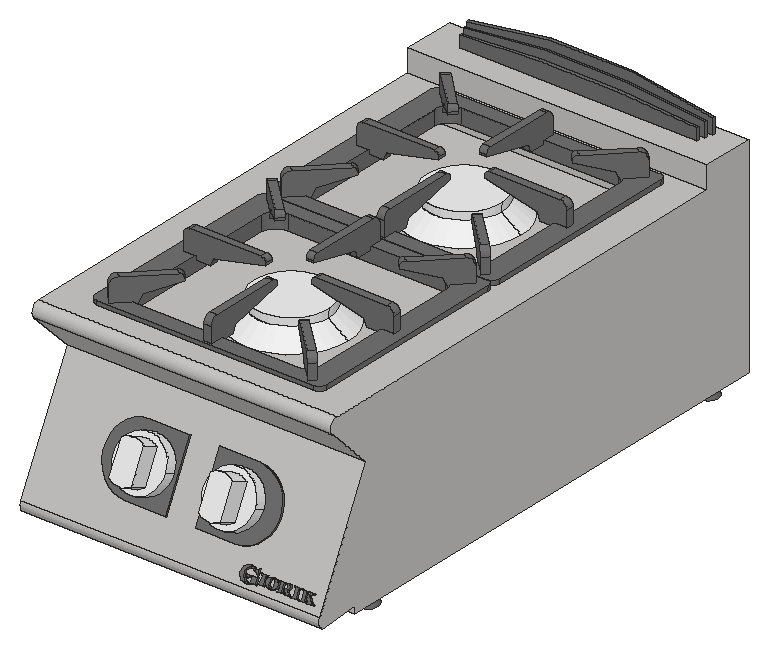
Revit family "QF_GIORIK_ECG720T", category Specialty Equipment, Revit 2014
Parameters (values of type "ECG720T")
  Weight in Pounds = 66.1386
  URL Cutsheet = "www.giorik.com"
  URL = "www.giorik.com"
  Status [instance] = ""
  Specification by User [instance] = ""
  Specification by Manufacturer = ""
  Show Logo [instance] = yes
  Show Clearance [instance] = yes
  Serial Number = ""
  Seismic Rating = ""
  SMACNA No = ""
  Revision Code [instance] = ""
  NAFEM Spec ID Number = ""
  Model = "ECG720T"
  Mechanical Remarks [instance] = "Natural Gas"
  Mechanical Connection Type [instance] = ""
  Masterspec = ""
  Manufacturer = "GIORIK"
  Item Number [instance] = ""
  Installed By [instance] = ""
  Identify Quantity as Lot [instance] = no
  Gas Size = 1"
  Gas RI Height [instance] = 0 mm
  Gas KW = 9.5
  Gas Input = 9500 W
  Gas Connection Height [instance] = 20 mm
  Furnished By [instance] = ""
  Foodservice Equipment Identifier [instance] = yes
  Description = "GAS RANGES 2 FIRES - TOP"
  CSI MasterFormat = ""
  Assembly Code = "E1090320"
Reference planes
  plane 1 "Back": y = 0
  plane 2: z = 0
  plane 3 "Left": x = 0
  plane 4 "Right": x = 400
  plane 5 "Front": y = -720
  plane 6 "Top": z = 300
Forms (mm)
  Extrusion 1, solid
    sketch origin (-283.221, -963.345, -547.185) x (1, 0, 0) y (0, 0.452718, 0.891654)
      loop
        line (463.221, 676.25) -> (463.221, 766.25) -> (409.698, 766.25)
        arc (409.698, 766.25) -> (364.698, 721.25) -> (409.698, 676.25) r 45
        line (409.698, 676.25) -> (463.221, 676.25)
    from 48 to 50
  Extrusion 2, solid
    sketch origin (683.221, -963.345, -547.185) x (-1, 0, 0) y (0, -0.452718, -0.891654)
      loop
        line (463.221, -676.25) -> (409.698, -676.25)
        arc (409.698, -676.25) -> (364.698, -721.25) -> (409.698, -766.25) r 45
        line (409.698, -766.25) -> (463.221, -766.25) -> (463.221, -676.25)
    from 48 to 50
  Extrusion 3, solid
    sketch origin (-91.331, -1008.697, -524.589) x (1, 0, 0) y (0, 0.45351, 0.891251)
      loop
        circle (351.331, 721.346) r 35
    from 0 to 15
  Extrusion 4, solid
    sketch origin (-91.331, -1008.697, -524.589) x (1, 0, 0) y (0, 0.45351, 0.891251)
      loop
        line (336.331, 743.846) -> (336.331, 698.846)
        arc (336.331, 698.846) -> (351.331, 693.846) -> (366.331, 698.846) r 25
        line (366.331, 698.846) -> (366.331, 743.846)
        arc (366.331, 743.846) -> (351.331, 748.846) -> (336.331, 743.846) r 25
    from 15 to 40
  Extrusion 5, solid, visible <- "Show Logo"
    sketch origin (196.604, -736.761, 9.486) x (-1, 0, 0) y (0, 0.452718, 0.891654)
      loop
        line (-118.824, 58.358) -> (-127.804, 58.358) -> (-125.523, 56.445) -> (-125.523, 48.027) -> (-127.804, 46.113) -> (-118.824, 46.113) -> (-121.105, 48.027) -> (-121.105, 56.445) -> (-118.824, 58.358)
      loop
        line (-163.721, 58.358) -> (-172.7, 58.358) -> (-170.42, 56.445) -> (-170.42, 48.027) -> (-172.7, 46.113) -> (-163.721, 46.113) -> (-166.001, 48.027) -> (-166.001, 56.445) -> (-163.721, 58.358)
      loop
        line (-174.332, 58.358) -> (-183.312, 58.358) -> (-181.031, 56.445) -> (-181.031, 52.435) -> (-186.419, 56.955) -> (-184.416, 58.358) -> (-191.268, 58.358) -> (-188.01, 56.839) -> (-185.455, 54.283) -> (-190.846, 47.858) -> (-193.396, 46.93) -> (-193.396, 46.113) -> (-184.416, 46.113) -> (-185.437, 47.571) -> (-182.443, 51.552) -> (-181.031, 50.894) -> (-181.031, 48.027) -> (-183.312, 46.113) -> (-174.332, 46.113) -> (-176.613, 48.027) -> (-176.613, 56.445) -> (-174.332, 58.358)
      loop
        line (-115.429, 62.063) -> (-115.429, 54.198)
        arc (-115.429, 54.198) -> (-111.618, 57.803) -> (-106.847, 59.986) r 16.039
        arc (-106.847, 59.986) -> (-103.314, 59.837) -> (-100.512, 57.68) r 5.851
        arc (-100.512, 57.68) -> (-98.815, 52.267) -> (-100.512, 46.853) r 9.479
        arc (-100.512, 46.853) -> (-102.406, 44.986) -> (-104.846, 43.93) r 7.236
        arc (-104.846, 43.93) -> (-107.728, 44.111) -> (-110.052, 45.825) r 5.11
        line (-110.052, 45.825) -> (-110.052, 52.001) -> (-116.141, 52.001) -> (-116.141, 45.503) -> (-117.893, 43.751) -> (-114.094, 44.769)
        arc (-114.094, 44.769) -> (-112.56, 44.947) -> (-111.129, 44.366) r 3.115
        arc (-111.129, 44.366) -> (-104.216, 42.091) -> (-97.303, 44.366) r 11.641
        arc (-97.303, 44.366) -> (-93.396, 52.107) -> (-97.303, 59.849) r 9.622
        arc (-97.303, 59.849) -> (-104.369, 62.174) -> (-111.435, 59.849) r 11.898
        line (-111.435, 59.849) -> (-115.429, 62.063)
      loop
        arc (-129.234, 56.068) -> (-135.893, 58.628) -> (-142.552, 56.068) r 9.941
        arc (-142.552, 56.068) -> (-144.234, 52.286) -> (-142.552, 48.505) r 5.093
        arc (-142.552, 48.505) -> (-135.893, 45.945) -> (-129.234, 48.505) r 9.941
        arc (-129.234, 48.505) -> (-127.552, 52.286) -> (-129.234, 56.068) r 5.093
      loop
        arc (-132.628, 54.403) -> (-135.893, 57.668) -> (-139.158, 54.403) r 3.265
        line (-139.158, 54.403) -> (-139.158, 50.169)
        arc (-139.158, 50.169) -> (-135.893, 46.904) -> (-132.628, 50.169) r 3.265
        line (-132.628, 50.169) -> (-132.628, 54.403)
      loop
        arc (-156.363, 58.365) -> (-159.647, 55.081) -> (-156.363, 51.796) r 3.285
        line (-156.363, 51.796) -> (-159.529, 47.306) -> (-162.087, 46.113) -> (-155.847, 46.113) -> (-153.529, 51.083) -> (-150.637, 51.083) -> (-150.637, 47.784) -> (-153.022, 46.113) -> (-144.011, 46.113) -> (-146.094, 47.68) -> (-146.094, 56.493) -> (-144.229, 58.365) -> (-156.363, 58.365)
      loop
        line (-150.637, 57.512) -> (-153.637, 57.512)
        arc (-153.637, 57.512) -> (-156.237, 54.912) -> (-153.637, 52.312) r 2.6
        line (-153.637, 52.312) -> (-150.637, 52.312) -> (-150.637, 57.512)
      loop
        line (-108.924, 52.001) -> (-104.936, 49.005) -> (-100.948, 52.001) -> (-108.924, 52.001)
    from 1.5 to -0.5
  Extrusion 6, solid
    sketch origin (491.331, -1008.697, -524.589) x (-1, 0, 0) y (0, -0.45351, -0.891251)
      loop
        circle (351.331, -721.346) r 35
    from 0 to 15
  Extrusion 7, solid
    sketch origin (491.331, -1008.697, -524.589) x (-1, 0, 0) y (0, -0.45351, -0.891251)
      loop
        arc (336.331, -743.846) -> (351.331, -748.846) -> (366.331, -743.846) r 25
        line (366.331, -743.846) -> (366.331, -698.846)
        arc (366.331, -698.846) -> (351.331, -693.846) -> (336.331, -698.846) r 25
        line (336.331, -698.846) -> (336.331, -743.846)
    from 15 to 40
  Extrusion 8, solid
    sketch origin (-4, 0, 5) x (1, 0, 0) y (0, 1, 0)
      loop
        circle (54, -385) r 12.5
    from 0 to 15
  Extrusion 9, solid
    sketch origin (0, 1000, -620) x (0, 1, 0) y (0, 0, 1)
      loop
        line (-1000, 919.988) -> (-1070, 919.988) -> (-1070, 889.988) -> (-1688.806, 889.988)
        arc (-1688.806, 889.988) -> (-1699.151, 883.075) -> (-1696.724, 870.873) r 11.197
        line (-1696.724, 870.873) -> (-1640.876, 815.025) -> (-1718.948, 661.258)
        arc (-1718.948, 661.258) -> (-1718.233, 650.105) -> (-1708.118, 645.354) r 10.981
        line (-1708.118, 645.354) -> (-1660, 649.925) -> (-1660, 640) -> (-1000, 640) -> (-1000, 919.988)
    from 0 to 400
  Extrusion 10, solid
    sketch origin (-94, 0, -610.001) x (1, 0, 0) y (0, 0, 1)
      loop
        line (135, 909.989) -> (453, 909.989) -> (453, 925.527) -> (347.056, 931.749) -> (240.944, 931.749) -> (135, 925.527) -> (135, 909.989)
    from 32 to 35
  Extrusion 11, solid
    sketch origin (-92, 10, -610.001) x (1, 0, 0) y (0, 0, 1)
      loop
        line (454, 909.989) -> (454, 928.527) -> (346.162, 939.193) -> (237.838, 939.193) -> (130, 928.527) -> (130, 909.989) -> (454, 909.989)
    from 32 to 35
  Extrusion 12, solid
    sketch origin (-90, 20, -610.001) x (1, 0, 0) y (0, 0, 1)
      loop
        line (455, 909.989) -> (455, 930.527) -> (345.396, 947.413) -> (234.604, 947.413) -> (125, 930.527) -> (125, 909.989) -> (455, 909.989)
    from 32 to 35
  Extrusion 13, void
    sketch origin (0, 0, 300) x (0, 1, 0) y (-1, 0, 0)
      loop
        arc (-90, -65) -> (-92.929, -57.929) -> (-100, -55) r 10
        line (-100, -55) -> (-640.565, -55)
        arc (-640.565, -55) -> (-647.636, -57.929) -> (-650.565, -65) r 10
        line (-650.565, -65) -> (-650.565, -335)
        arc (-650.565, -335) -> (-647.636, -342.071) -> (-640.565, -345) r 10
        line (-640.565, -345) -> (-100, -345)
        arc (-100, -345) -> (-92.929, -342.071) -> (-90, -335) r 10
        line (-90, -335) -> (-90, -65)
    from -30.012 to -60
  Extrusion 14, solid
    sketch origin (0, 10, -577.012) x (1, 0, 0) y (0, 1, 0)
      loop
        line (45, -100) -> (45, -370)
        arc (45, -370) -> (47.929, -377.071) -> (55, -380) r 10
        line (55, -380) -> (345, -380)
        arc (345, -380) -> (352.071, -377.071) -> (355, -370) r 10
        line (355, -370) -> (355, -100)
        arc (355, -100) -> (352.071, -92.929) -> (345, -90) r 10
        line (345, -90) -> (55, -90)
        arc (55, -90) -> (47.929, -92.929) -> (45, -100) r 10
      loop
        arc (95, -110) -> (80.858, -115.858) -> (75, -130) r 20
        line (75, -130) -> (75, -340)
        arc (75, -340) -> (80.858, -354.142) -> (95, -360) r 20
        line (95, -360) -> (305, -360)
        arc (305, -360) -> (319.142, -354.142) -> (325, -340) r 20
        line (325, -340) -> (325, -130)
        arc (325, -130) -> (319.142, -115.858) -> (305, -110) r 20
        line (305, -110) -> (95, -110)
    from 831.989 to 851.989
  Extrusion 15, solid
    sketch origin (0, -750, -577.012) x (1, 0, 0) y (0, 1, 0)
      loop
        arc (45, 100) -> (47.929, 92.929) -> (55, 90) r 10
        line (55, 90) -> (345, 90)
        arc (345, 90) -> (352.071, 92.929) -> (355, 100) r 10
        line (355, 100) -> (355, 370)
        arc (355, 370) -> (352.071, 377.071) -> (345, 380) r 10
        line (345, 380) -> (55, 380)
        arc (55, 380) -> (47.929, 377.071) -> (45, 370) r 10
        line (45, 370) -> (45, 100)
      loop
        line (95, 110) -> (305, 110)
        arc (305, 110) -> (319.142, 115.858) -> (325, 130) r 20
        line (325, 130) -> (325, 340)
        arc (325, 340) -> (319.142, 354.142) -> (305, 360) r 20
        line (305, 360) -> (95, 360)
        arc (95, 360) -> (80.858, 354.142) -> (75, 340) r 20
        line (75, 340) -> (75, 130)
        arc (75, 130) -> (80.858, 115.858) -> (95, 110) r 20
    from 831.989 to 851.989
  Blend 16, solid
    base sketch origin (-0.046, -501.449, 310) x (0, -1, 0) y (1, 0, 0)
      loop
        circle (-276.449, 200.046) r 75
    top sketch origin (-0.046, -501.449, 310) x (0, -1, 0) y (1, 0, 0)
      loop
        circle (-276.449, 200.046) r 50
    from -70 to -50
  Extrusion 17, solid
    sketch origin (-0.046, 51.449, -619.988) x (1, 0, 0) y (0, 1, 0)
      loop
        circle (200.046, -276.449) r 50
    from 889.988 to 879.988
  Blend 18, solid
    base sketch origin (-0.046, -791.449, 310) x (0, -1, 0) y (1, 0, 0)
      loop
        circle (-276.449, 200.046) r 75
    top sketch origin (-0.046, -791.449, 310) x (0, -1, 0) y (1, 0, 0)
      loop
        circle (-276.449, 200.046) r 50
    from -70 to -50
  Extrusion 19, solid
    sketch origin (-0.046, -238.551, -619.988) x (1, 0, 0) y (0, 1, 0)
      loop
        circle (200.046, -276.449) r 50
    from 889.988 to 879.988
  Extrusion 20, solid
    sketch origin (240.72, -671.989, -666.001) x (0, 1, 0) y (0, 0, -1)
      loop
        line (15.989, -935.989) -> (15.989, -961)
        arc (15.989, -961) -> (18.918, -968.071) -> (25.989, -971) r 10
        line (25.989, -971) -> (119.989, -971)
        arc (119.989, -971) -> (124.232, -969.243) -> (125.989, -965) r 6
        line (125.989, -965) -> (125.989, -962) -> (55.875, -945.989) -> (52.235, -935.989) -> (15.989, -935.989)
    from 35.72 to 45.72
  Extrusion 21, solid
    sketch origin (30.305, -634.988, -597.81) x (0.707107, 0.707107, 0) y (0, 0, 1)
      loop
        line (85.748, 902.808) -> (21.748, 902.808)
        arc (21.748, 902.808) -> (14.677, 899.879) -> (11.748, 892.808) r 10
        line (11.748, 892.808) -> (11.748, 867.797) -> (40.514, 867.797) -> (46.895, 881.064) -> (91.748, 893.808) -> (91.748, 896.808)
        arc (91.748, 896.808) -> (89.991, 901.051) -> (85.748, 902.808) r 6
    from 30.148 to 40.148
  Extrusion 22, solid
    sketch origin (240.72, -358.011, -666.001) x (0, -1, 0) y (0, 0, 1)
      loop
        line (15.989, 935.989) -> (52.235, 935.989) -> (55.875, 945.989) -> (125.989, 962) -> (125.989, 965)
        arc (125.989, 965) -> (124.232, 969.243) -> (119.989, 971) r 6
        line (119.989, 971) -> (25.989, 971)
        arc (25.989, 971) -> (18.918, 968.071) -> (15.989, 961) r 10
        line (15.989, 961) -> (15.989, 935.989)
    from 35.72 to 45.72
  Extrusion 23, solid
    sketch origin (356.989, -555.72, -666.001) x (-1, 0, 0) y (0, 0, 1)
      loop
        line (15.989, 935.989) -> (52.235, 935.989) -> (55.875, 945.989) -> (125.989, 962) -> (125.989, 965)
        arc (125.989, 965) -> (124.232, 969.243) -> (119.989, 971) r 6
        line (119.989, 971) -> (25.989, 971)
        arc (25.989, 971) -> (18.918, 968.071) -> (15.989, 961) r 10
        line (15.989, 961) -> (15.989, 935.989)
    from 35.72 to 45.72
  Extrusion 24, solid
    sketch origin (43.011, -555.72, -666.001) x (1, 0, 0) y (0, 0, -1)
      loop
        line (15.989, -935.989) -> (15.989, -961)
        arc (15.989, -961) -> (18.918, -968.071) -> (25.989, -971) r 10
        line (25.989, -971) -> (119.989, -971)
        arc (119.989, -971) -> (124.232, -969.243) -> (125.989, -965) r 6
        line (125.989, -965) -> (125.989, -962) -> (55.875, -945.989) -> (52.235, -935.989) -> (15.989, -935.989)
    from 35.72 to 45.72
  Extrusion 25, solid
    sketch origin (369.695, -634.988, -597.81) x (-0.707107, 0.707107, 0) y (0, 0, -1)
      loop
        arc (85.748, -902.808) -> (89.991, -901.051) -> (91.748, -896.808) r 6
        line (91.748, -896.808) -> (91.748, -893.808) -> (46.895, -881.064) -> (40.514, -867.797) -> (11.748, -867.797) -> (11.748, -892.808)
        arc (11.748, -892.808) -> (14.677, -899.879) -> (21.748, -902.808) r 10
        line (21.748, -902.808) -> (85.748, -902.808)
    from 30.148 to 40.148
  Extrusion 26, solid
    sketch origin (369.695, -395.012, -597.81) x (-0.707107, -0.707107, 0) y (0, 0, 1)
      loop
        line (85.748, 902.808) -> (21.748, 902.808)
        arc (21.748, 902.808) -> (14.677, 899.879) -> (11.748, 892.808) r 10
        line (11.748, 892.808) -> (11.748, 867.797) -> (40.514, 867.797) -> (46.895, 881.064) -> (91.748, 893.808) -> (91.748, 896.808)
        arc (91.748, 896.808) -> (89.991, 901.051) -> (85.748, 902.808) r 6
    from 30.148 to 40.148
  Extrusion 27, solid
    sketch origin (30.305, -395.012, -597.81) x (0.707107, -0.707107, 0) y (0, 0, -1)
      loop
        arc (85.748, -902.808) -> (89.991, -901.051) -> (91.748, -896.808) r 6
        line (91.748, -896.808) -> (91.748, -893.808) -> (46.895, -881.064) -> (40.514, -867.797) -> (11.748, -867.797) -> (11.748, -892.808)
        arc (11.748, -892.808) -> (14.677, -899.879) -> (21.748, -902.808) r 10
        line (21.748, -902.808) -> (85.748, -902.808)
    from 30.148 to 40.148
  Extrusion 28, solid
    sketch origin (240.72, -68.011, -666.001) x (0, -1, 0) y (0, 0, 1)
      loop
        line (15.989, 935.989) -> (52.235, 935.989) -> (55.875, 945.989) -> (125.989, 962) -> (125.989, 965)
        arc (125.989, 965) -> (124.232, 969.243) -> (119.989, 971) r 6
        line (119.989, 971) -> (25.989, 971)
        arc (25.989, 971) -> (18.918, 968.071) -> (15.989, 961) r 10
        line (15.989, 961) -> (15.989, 935.989)
    from 35.72 to 45.72
  Extrusion 29, solid
    sketch origin (30.305, -105.012, -597.81) x (0.707107, -0.707107, 0) y (0, 0, -1)
      loop
        arc (85.748, -902.808) -> (89.991, -901.051) -> (91.748, -896.808) r 6
        line (91.748, -896.808) -> (91.748, -893.808) -> (46.895, -881.064) -> (40.514, -867.797) -> (11.748, -867.797) -> (11.748, -892.808)
        arc (11.748, -892.808) -> (14.677, -899.879) -> (21.748, -902.808) r 10
        line (21.748, -902.808) -> (85.748, -902.808)
    from 30.148 to 40.148
  Extrusion 30, solid
    sketch origin (240.72, -381.989, -666.001) x (0, 1, 0) y (0, 0, -1)
      loop
        line (15.989, -935.989) -> (15.989, -961)
        arc (15.989, -961) -> (18.918, -968.071) -> (25.989, -971) r 10
        line (25.989, -971) -> (119.989, -971)
        arc (119.989, -971) -> (124.232, -969.243) -> (125.989, -965) r 6
        line (125.989, -965) -> (125.989, -962) -> (55.875, -945.989) -> (52.235, -935.989) -> (15.989, -935.989)
    from 35.72 to 45.72
  Extrusion 31, solid
    sketch origin (356.989, -184.279, -666.001) x (-1, 0, 0) y (0, 0, -1)
      loop
        line (15.989, -935.989) -> (15.989, -961)
        arc (15.989, -961) -> (18.918, -968.071) -> (25.989, -971) r 10
        line (25.989, -971) -> (119.989, -971)
        arc (119.989, -971) -> (124.232, -969.243) -> (125.989, -965) r 6
        line (125.989, -965) -> (125.989, -962) -> (55.875, -945.989) -> (52.235, -935.989) -> (15.989, -935.989)
    from 35.72 to 45.72
  Extrusion 32, solid
    sketch origin (43.011, -184.279, -666.001) x (1, 0, 0) y (0, 0, 1)
      loop
        line (15.989, 935.989) -> (52.235, 935.989) -> (55.875, 945.989) -> (125.989, 962) -> (125.989, 965)
        arc (125.989, 965) -> (124.232, 969.243) -> (119.989, 971) r 6
        line (119.989, 971) -> (25.989, 971)
        arc (25.989, 971) -> (18.918, 968.071) -> (15.989, 961) r 10
        line (15.989, 961) -> (15.989, 935.989)
    from 35.72 to 45.72
  Extrusion 33, solid
    sketch origin (369.695, -105.012, -597.81) x (-0.707107, -0.707107, 0) y (0, 0, 1)
      loop
        line (85.748, 902.808) -> (21.748, 902.808)
        arc (21.748, 902.808) -> (14.677, 899.879) -> (11.748, 892.808) r 10
        line (11.748, 892.808) -> (11.748, 867.797) -> (40.514, 867.797) -> (46.895, 881.064) -> (91.748, 893.808) -> (91.748, 896.808)
        arc (91.748, 896.808) -> (89.991, 901.051) -> (85.748, 902.808) r 6
    from 30.148 to 40.148
  Extrusion 34, solid
    sketch origin (369.695, -344.988, -597.81) x (-0.707107, 0.707107, 0) y (0, 0, -1)
      loop
        arc (85.748, -902.808) -> (89.991, -901.051) -> (91.748, -896.808) r 6
        line (91.748, -896.808) -> (91.748, -893.808) -> (46.895, -881.064) -> (40.514, -867.797) -> (11.748, -867.797) -> (11.748, -892.808)
        arc (11.748, -892.808) -> (14.677, -899.879) -> (21.748, -902.808) r 10
        line (21.748, -902.808) -> (85.748, -902.808)
    from 30.148 to 40.148
  Extrusion 35, solid
    sketch origin (30.305, -344.988, -597.81) x (0.707107, 0.707107, 0) y (0, 0, 1)
      loop
        line (85.748, 902.808) -> (21.748, 902.808)
        arc (21.748, 902.808) -> (14.677, 899.879) -> (11.748, 892.808) r 10
        line (11.748, 892.808) -> (11.748, 867.797) -> (40.514, 867.797) -> (46.895, 881.064) -> (91.748, 893.808) -> (91.748, 896.808)
        arc (91.748, 896.808) -> (89.991, 901.051) -> (85.748, 902.808) r 6
    from 30.148 to 40.148
  Extrusion 36, solid
    sketch origin (543.603, 45.293, -30) x (0, 1, 0) y (-1, 0, 0)
      loop
        circle (-79.293, 516.603) r 5
    from 41.965 to 50
  Revolve 37, solid
    sketch origin (27, 49.942, -600) x (0, 1, 0) y (0, 0, 1)
      loop
        line (-83.943, 611.965) -> (-94.752, 611.965) -> (-97.943, 600) -> (-83.943, 600) -> (-83.943, 611.965)
      axis (-83.943, 611.965) -> (-83.943, 600)
    angle from 0 to 360
  Extrusion 38, solid
    sketch origin (543.603, -524.707, -30) x (0, 1, 0) y (-1, 0, 0)
      loop
        circle (-79.293, 516.603) r 5
    from 41.965 to 50
  Revolve 39, solid
    sketch origin (27, -520.058, -600) x (0, 1, 0) y (0, 0, 1)
      loop
        line (-83.943, 611.965) -> (-94.752, 611.965) -> (-97.943, 600) -> (-83.943, 600) -> (-83.943, 611.965)
      axis (-83.943, 611.965) -> (-83.943, 600)
    angle from 0 to 360
  Extrusion 40, solid
    sketch origin (-143.603, 45.293, -30) x (0, 1, 0) y (-1, 0, 0)
      loop
        circle (-79.293, -516.603) r 5
    from 41.965 to 50
  Revolve 41, solid
    sketch origin (373, 49.942, -600) x (0, 1, 0) y (0, 0, -1)
      loop
        line (-83.943, -611.965) -> (-83.943, -600) -> (-97.943, -600) -> (-94.752, -611.965) -> (-83.943, -611.965)
      axis (-83.943, -611.965) -> (-83.943, -600)
    angle from 0 to 360
  Extrusion 42, solid
    sketch origin (-143.603, -524.707, -30) x (0, 1, 0) y (-1, 0, 0)
      loop
        circle (-79.293, -516.603) r 5
    from 41.965 to 50
  Revolve 43, solid
    sketch origin (373, -520.058, -600) x (0, 1, 0) y (0, 0, -1)
      loop
        line (-83.943, -611.965) -> (-83.943, -600) -> (-97.943, -600) -> (-94.752, -611.965) -> (-83.943, -611.965)
      axis (-83.943, -611.965) -> (-83.943, -600)
    angle from 0 to 360
Cuts and joins
  Extrusion 13 cuts Extrusion 9
Lines and regions (mm)
  symbolic lines, style "200-EquipBorder-2D"
    curve 1: line (0, -720, 0) -> (400, -720, 0)
    curve 2: line (400, -720, 0) -> (400, 0, 0)
    curve 3: line (400, 0, 0) -> (0, 0, 0)
    curve 4: line (0, 0, 0) -> (0, -720, 0)
  symbolic lines, style "200-EquipInternal-2D"
    curve 5: line (35, -12, 300) -> (365, -12, 300)
    curve 6: line (365, -12, 300) -> (365, -15, 300)
    curve 7: line (365, -15, 300) -> (35, -15, 300)
    curve 8: line (35, -15, 300) -> (35, -12, 300)
    curve 9: line (38, -22, 300) -> (362, -22, 300)
    curve 10: line (362, -22, 300) -> (362, -25, 300)
    curve 11: line (362, -25, 300) -> (38, -25, 300)
    curve 12: line (38, -25, 300) -> (38, -22, 300)
    curve 13: line (41, -32, 300) -> (359, -32, 300)
    curve 14: line (359, -32, 300) -> (359, -35, 300)
    curve 15: line (359, -35, 300) -> (41, -35, 300)
    curve 16: line (41, -35, 300) -> (41, -32, 300)
    curve 17: line (345, -370, 300) -> (55, -370, 300)
    curve 18: arc (345, -370, 300) -> (352.071, -367.071, 300) -> (355, -360, 300) r 10
    curve 19: line (355, -360, 300) -> (355, -90, 300)
    curve 20: arc (45, -360, 300) -> (47.929, -367.071, 300) -> (55, -370, 300) r 10
    curve 21: line (45, -90, 300) -> (45, -360, 300)
    curve 22: line (345, -80, 300) -> (55, -80, 300)
    curve 23: arc (55, -80, 300) -> (47.929, -82.929, 300) -> (45, -90, 300) r 10
    curve 24: arc (355, -90, 300) -> (352.071, -82.929, 300) -> (345, -80, 300) r 10
    curve 25: line (0, -70, 300) -> (400, -70, 300)
    curve 26: arc (75, -330, 300) -> (75.705, -335.264, 300) -> (77.771, -340.158, 300) r 20
    curve 27: line (205, -350, 300) -> (305, -350, 300)
    curve 28: line (75, -230, 300) -> (75, -330, 300)
    curve 29: arc (305, -350, 300) -> (310.264, -349.295, 300) -> (315.158, -347.229, 300) r 20
    curve 30: line (325, -220, 300) -> (325, -120, 300)
    curve 31: arc (325, -120, 300) -> (324.295, -114.736, 300) -> (322.229, -109.842, 300) r 20
    curve 32: line (195, -100, 300) -> (95, -100, 300)
    curve 33: arc (77.771, -109.842, 300) -> (75.705, -114.736, 300) -> (75, -120, 300) r 20
    curve 34: line (195, -366, 300) -> (205, -366, 300)
    curve 35: line (205, -366, 300) -> (205, -256, 300)
    curve 36: line (205, -256, 300) -> (195, -256, 300)
    curve 37: line (195, -256, 300) -> (195, -366, 300)
    curve 38: line (276.43, -308.501, 300) -> (332.999, -365.07, 300)
    curve 39: line (332.999, -365.07, 300) -> (340.07, -357.999, 300)
    curve 40: line (340.07, -357.999, 300) -> (283.501, -301.43, 300)
    curve 41: line (283.501, -301.43, 300) -> (276.43, -308.501, 300)
    curve 42: line (325, -330, 300) -> (325, -230, 300)
    curve 43: line (325, -230, 300) -> (341, -230, 300)
    curve 44: line (341, -230, 300) -> (341, -220, 300)
    curve 45: line (341, -220, 300) -> (231, -220, 300)
    curve 46: line (231, -220, 300) -> (231, -230, 300)
    curve 47: line (231, -230, 300) -> (325, -230, 300)
    curve 48: line (67.001, -365.07, 300) -> (59.93, -357.999, 300)
    curve 49: line (123.57, -308.501, 300) -> (67.001, -365.07, 300)
    curve 50: line (59.93, -357.999, 300) -> (116.499, -301.43, 300)
    curve 51: line (116.499, -301.43, 300) -> (123.57, -308.501, 300)
    curve 52: line (169, -230, 300) -> (59, -230, 300)
    curve 53: line (59, -220, 300) -> (169, -220, 300)
    curve 54: line (169, -220, 300) -> (169, -230, 300)
    curve 55: line (59, -230, 300) -> (59, -220, 300)
    curve 56: line (205, -194, 300) -> (195, -194, 300)
    curve 57: line (195, -194, 300) -> (195, -84, 300)
    curve 58: line (205, -84, 300) -> (205, -194, 300)
    curve 59: line (195, -84, 300) -> (205, -84, 300)
    curve 60: line (276.43, -141.499, 300) -> (332.999, -84.93, 300)
    curve 61: line (340.07, -92.001, 300) -> (283.501, -148.57, 300)
    curve 62: line (283.501, -148.57, 300) -> (276.43, -141.499, 300)
    curve 63: line (332.999, -84.93, 300) -> (340.07, -92.001, 300)
    curve 64: line (116.499, -148.57, 300) -> (59.93, -92.001, 300)
    curve 65: line (123.57, -141.499, 300) -> (116.499, -148.57, 300)
    curve 66: line (67.001, -84.93, 300) -> (123.57, -141.499, 300)
    curve 67: line (59.93, -92.001, 300) -> (67.001, -84.93, 300)
    curve 68: line (95, -350, 300) -> (195, -350, 300)
    curve 69: line (75, -220, 300) -> (75, -120, 300)
    curve 70: line (305, -100, 300) -> (205, -100, 300)
    curve 71: arc (305, -100, 300) -> (310.264, -100.705, 300) -> (315.158, -102.771, 300) r 20
    curve 72: arc (95, -100, 300) -> (89.736, -100.705, 300) -> (84.842, -102.771, 300) r 20
    curve 73: arc (325, -330, 300) -> (324.295, -335.264, 300) -> (322.229, -340.157, 300) r 20
    curve 74: arc (95, -350, 300) -> (89.736, -349.295, 300) -> (84.843, -347.229, 300) r 20
    curve 75: arc (195, -175.251, 300) -> (164.645, -189.645, 300) -> (150.251, -220, 300) r 50
    curve 76: arc (195, -150.451, 300) -> (147.167, -172.167, 300) -> (125.451, -220, 300) r 74.717
    curve 77: arc (205, -175.251, 300) -> (235.355, -189.645, 300) -> (249.749, -220, 300) r 50
    curve 78: arc (205, -150.167, 300) -> (253.033, -171.967, 300) -> (274.833, -220, 300) r 75
    curve 79: arc (205, -274.749, 300) -> (235.355, -260.355, 300) -> (249.749, -230, 300) r 50
    curve 80: arc (205, -299.833, 300) -> (253.033, -278.033, 300) -> (274.833, -230, 300) r 75
    curve 81: arc (195, -274.749, 300) -> (164.645, -260.355, 300) -> (150.251, -230, 300) r 50
    curve 82: arc (125.167, -230, 300) -> (146.967, -278.033, 300) -> (195, -299.833, 300) r 75
    curve 83: arc (345, -370, 300) -> (352.071, -372.929, 300) -> (355, -380, 300) r 10
    curve 84: line (355, -380, 300) -> (355, -650, 300)
    curve 85: arc (45, -380, 300) -> (47.929, -372.929, 300) -> (55, -370, 300) r 10
    curve 86: line (45, -650, 300) -> (45, -380, 300)
    curve 87: line (345, -660, 300) -> (55, -660, 300)
    curve 88: arc (55, -660, 300) -> (47.929, -657.071, 300) -> (45, -650, 300) r 10
    curve 89: arc (355, -650, 300) -> (352.071, -657.071, 300) -> (345, -660, 300) r 10
    curve 90: arc (75, -410, 300) -> (75.705, -404.735, 300) -> (77.771, -399.842, 300) r 20
    curve 91: line (205, -390, 300) -> (305, -390, 300)
    curve 92: line (75, -510, 300) -> (75, -410, 300)
    curve 93: arc (305, -390, 300) -> (310.264, -390.705, 300) -> (315.158, -392.771, 300) r 20
    curve 94: line (325, -520, 300) -> (325, -620, 300)
    curve 95: arc (325, -620, 300) -> (324.295, -625.264, 300) -> (322.229, -630.157, 300) r 20
    curve 96: line (195, -640, 300) -> (95, -640, 300)
    curve 97: arc (77.771, -630.157, 300) -> (75.705, -625.264, 300) -> (75, -620, 300) r 20
    curve 98: line (195, -374, 300) -> (205, -374, 300)
    curve 99: line (205, -374, 300) -> (205, -484, 300)
    curve 100: line (205, -484, 300) -> (195, -484, 300)
    curve 101: line (195, -484, 300) -> (195, -374, 300)
    curve 102: line (276.43, -431.499, 300) -> (332.999, -374.93, 300)
    curve 103: line (332.999, -374.93, 300) -> (340.07, -382.001, 300)
    curve 104: line (340.07, -382.001, 300) -> (283.501, -438.57, 300)
    curve 105: line (283.501, -438.57, 300) -> (276.43, -431.499, 300)
    curve 106: line (325, -410, 300) -> (325, -510, 300)
    curve 107: line (325, -510, 300) -> (341, -510, 300)
    curve 108: line (341, -510, 300) -> (341, -520, 300)
    curve 109: line (341, -520, 300) -> (231, -520, 300)
    curve 110: line (231, -520, 300) -> (231, -510, 300)
    curve 111: line (231, -510, 300) -> (325, -510, 300)
    curve 112: line (67.001, -374.93, 300) -> (59.93, -382.001, 300)
    curve 113: line (123.57, -431.499, 300) -> (67.001, -374.93, 300)
    curve 114: line (59.93, -382.001, 300) -> (116.499, -438.57, 300)
    curve 115: line (116.499, -438.57, 300) -> (123.57, -431.499, 300)
    curve 116: line (169, -510, 300) -> (59, -510, 300)
    curve 117: line (59, -520, 300) -> (169, -520, 300)
    curve 118: line (169, -520, 300) -> (169, -510, 300)
    curve 119: line (59, -510, 300) -> (59, -520, 300)
    curve 120: line (205, -546, 300) -> (195, -546, 300)
    curve 121: line (195, -546, 300) -> (195, -656, 300)
    curve 122: line (205, -656, 300) -> (205, -546, 300)
    curve 123: line (195, -656, 300) -> (205, -656, 300)
    curve 124: line (276.43, -598.501, 300) -> (332.999, -655.07, 300)
    curve 125: line (340.07, -647.999, 300) -> (283.501, -591.43, 300)
    curve 126: line (283.501, -591.43, 300) -> (276.43, -598.501, 300)
    curve 127: line (332.999, -655.07, 300) -> (340.07, -647.999, 300)
    curve 128: line (116.499, -591.43, 300) -> (59.93, -647.999, 300)
    curve 129: line (123.57, -598.501, 300) -> (116.499, -591.43, 300)
    curve 130: line (67.001, -655.07, 300) -> (123.57, -598.501, 300)
    curve 131: line (59.93, -647.999, 300) -> (67.001, -655.07, 300)
    curve 132: line (95, -390, 300) -> (195, -390, 300)
    curve 133: line (75, -520, 300) -> (75, -620, 300)
    curve 134: line (305, -640, 300) -> (205, -640, 300)
    curve 135: arc (305, -640, 300) -> (310.264, -639.295, 300) -> (315.158, -637.229, 300) r 20
    curve 136: arc (95, -640, 300) -> (89.736, -639.295, 300) -> (84.842, -637.229, 300) r 20
    curve 137: arc (325, -410, 300) -> (324.295, -404.736, 300) -> (322.229, -399.842, 300) r 20
    curve 138: arc (95, -390, 300) -> (89.736, -390.705, 300) -> (84.843, -392.771, 300) r 20
    curve 139: arc (195, -564.749, 300) -> (164.645, -550.355, 300) -> (150.251, -520, 300) r 50
    curve 140: arc (195, -589.549, 300) -> (147.167, -567.833, 300) -> (125.451, -520, 300) r 74.717
    curve 141: arc (205, -564.749, 300) -> (235.355, -550.355, 300) -> (249.749, -520, 300) r 50
    curve 142: arc (205, -589.833, 300) -> (253.033, -568.033, 300) -> (274.833, -520, 300) r 75
    curve 143: arc (205, -465.251, 300) -> (235.355, -479.645, 300) -> (249.749, -510, 300) r 50
    curve 144: arc (205, -440.167, 300) -> (253.033, -461.967, 300) -> (274.833, -510, 300) r 75
    curve 145: arc (195, -465.251, 300) -> (164.645, -479.645, 300) -> (150.251, -510, 300) r 50
    curve 146: arc (125.167, -510, 300) -> (146.967, -461.967, 300) -> (195, -440.167, 300) r 75
Dimensions and locks
  plane 3 "Left" to plane 4 "Right" = 400 mm
  plane 5 "Front" to plane 1 "Back" = 720 mm
  plane 4 "Right" to plane 3 "Left" = 400 mm
  plane 1 "Back" to plane 5 "Front" = 720 mm
  plane 6 "Top" to level = 300 mm  (x2)
  aligned and locked: level to plane 2
Connectors
  piping at (50, -385, 5), diameter 25.4, driven by "Gas Size"
    settings: on Extrusion 8, index 1, connector inside diameter 24", connector length 0 mm, flow factor 0, pipe flow 0.0 L/s, pressure drop 0.0 Pa, fitting loss kfactor 0, connector angle 0.00°, fixture units 0, engagement length 0 mm, angle of deflection 0.00°, flow configuration 1, flow direction 1, fitting loss method 0, system type 22, joint type 0, gender type 0, connector reference index -1, connector utility 0, adjustable connector no, is connector primary yes, connector description "Gas inlet"
